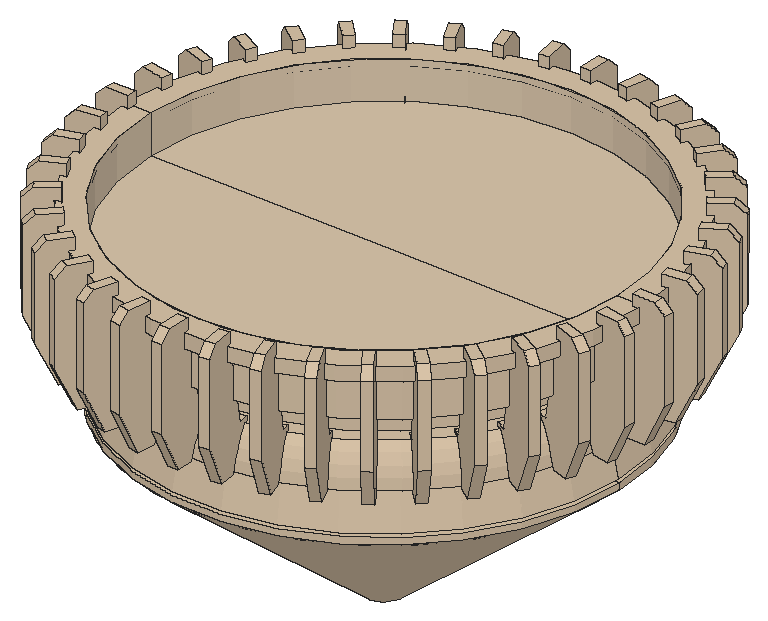
Revit family "KHL_Kemlux-Cone", category Lighting Fixtures, host Face, Revit 2021
Family settings
  Host = Face
  Round Connector Dimension = Use Diameter
  Part Type = Normal
  OmniClass Number = 23.80.70.14
  OmniClass Title = Luminaries for External Lighting
  Cut with Voids When Loaded = No
  Light Source = Yes
  Shared = No
  Room Calculation Point = No
Parameters (values of type "KHL-18L-X-5K-5M")
  Wattage Comments = "43 Watts, 18 LEDs"
  Wattage = 43 W
  Watt = 43 W
  built-in parameter 1150110 = 1 (stored number, unit not read)
  Voltage = 277 V
  URL = "www.currentlighting.com/columbialighting"
  built-in parameter 1114217 = 1 (stored number, unit not read)
  Tilt Angle = -90.00°
  built-in parameter 1150109 = 1 (stored number, unit not read)
  built-in parameter 1150134 = 2
  built-in parameter 1150113 = 1 (stored number, unit not read)
  Product Page URL = ""
  Product Documentation Link = ""
  Power Factor = 1
  Photometric Web File = "KXL-18L-X-5K-5M.ies"
  Optics = "Type V Square"
  Model = "KHL - Kemlux III LED"  # constant formula
  Material Finish = Tan
  Manufacturer = "Columbia Lighting"  # constant formula
  built-in parameter 1150105 = 345.6 (stored number, unit not read)
  Lumens = 4343 lm
  built-in parameter 1150115 = 1 (stored number, unit not read)
  Load Classification = Lighting
  built-in parameter 1150137 = (empty or 0)
  built-in parameter 1150139 = (empty or 0)
  built-in parameter 1150112 = 1 (stored number, unit not read)
  built-in parameter 1150114 = 1 (stored number, unit not read)
  Lamp = "18 High Performanc LEDs"
  built-in parameter 1150132 = (empty or 0)
  built-in parameter 1150102 = (empty or 0)
  built-in parameter 1150107 = 5000 (stored number, unit not read)
  built-in parameter 1150138 = (empty or 0)
  built-in parameter 1150106 = 3.456 (stored number, unit not read)
  Glass = White Glass
  Emit from Circle Diameter = 0' - 11"
  Emit Shape Visible in Rendering = no
  built-in parameter 1150104 = 9.3832 (stored number, unit not read)
  Dimming Lamp Color Temperature Shift = <None>
  Description = "Class I, Division 2 LED Fixture Series"  # constant formula
  Default Elevation = 4' - 0"
  Color Filter = 16777215
  built-in parameter 1114218 = 1 (stored number, unit not read)
  built-in parameter 1150133 = 10 (stored number, unit not read)
  Apparent Load = Watt / Power Factor  # 43 VA
Reference planes (in)
  plane 1 "Center (Front/Back)": y = 0
  plane 2: z = 0
  plane 3 "Center (Left/Right)": x = 0
  plane 4: x = -7
  plane 5: x = 7
Forms (in)
  Revolve 1, solid, material "Tan" <- "Material Finish"
    sketch origin (0, 0, 0) x (1, 0, 0) y (0, 0, 1)
      loop
        line (0, 0) -> (0.5, 0) -> (6, 4.37652) -> (0, 4.37652) -> (0, 0)
      axis (0, 4.37652) -> (0, 0)
    angle from 0 to 360
Dimensions and locks (in)
  equal spacing: plane 5, plane 3 "Center (Left/Right)", plane 4, locked at 7 each
  aligned and locked: plane 2 to host face
  aligned and locked: level to host face
  aligned and locked: nested 1 to plane 3 "Center (Left/Right)"
  aligned and locked: nested 1 to plane 1 "Center (Front/Back)"
  aligned and locked: plane 3 "Center (Left/Right)" to imposter light
  aligned and locked: imposter light to plane 1 "Center (Front/Back)"
  aligned and locked: imposter light to nested 1
Automatic sketch dimensions
  host sketch curve to host sketch curve = 8' - 0"  (x2)
  Revolve 1 sketch curve to level = 0' - 0"
  plane 5 to Revolve 1 sketch curve = 0' - 1"
  level to Revolve 1 sketch curve = 0' - 4.37652"
  Revolve 1 sketch curve to plane 3 "Center (Left/Right)" = 0' - 0"  (x2)
  plane 3 "Center (Left/Right)" to Revolve 1 sketch curve = 0' - 0 1/2"
  Revolve 1 sketch curve to level = 0' - 6.62348"
  Revolve 1 sketch curve to Revolve 1 sketch curve = 1' - 3 1/2"
Nested families (in)
  nested 1: "KHL" at (0, 0, 4.37652) x (-1, 0, 0) z (0, 0, 1), type "KHL"
Connectors (in)
  electrical at (0, 0, 4.37652), driven by "Load Classification", driven by "Voltage", driven by "Apparent Load", driven by "Power Factor"
    settings: on nested 1, index 1, voltage 277 V, apparent load 43 VA, apparent load phase1 0 VA, apparent load phase2 0 VA, apparent load phase3 0 VA, power factor 1, load classification "Lighting", number of poles 1, system type 30, power factor state 1, is connector primary yes, connector utility no, sub classification motor no, connector description "Lighting Connector"
Definition of nested family "KHL"
  Parameters
    Wattage Comments = ""
    URL = ""
    Model = ""
    Material Finish = none
    Manufacturer = ""
    Lamp = ""
    IES FILE LINK = ""
    Glass = none
    Description = ""
    Default Elevation = 4' - 0"
    Apparent Load = 0 VA
  Reference planes (in)
    plane 1 "Center (Front/Back)": y = 0
    plane 2: z = 0
    plane 3 "Center (Left/Right)": x = 0
    plane 4: x = -7.25
    plane 5: x = 7.25
    plane 6: x = -5.5
    plane 7: x = 5.5
  Forms (in)
    Extrusion 1, solid
      sketch origin (0, 0, 0) x (1, 0, 0) y (0, 1, 0)
        loop
          line (-48, 48) -> (-48, -48) -> (48, -48) -> (48, 48) -> (-48, 48)
      from 0 to -12
    Revolve 2, solid, material <- "Material Finish"
      sketch origin (0, 0, -1.3125) x (1, 0, 0) y (0, 0, 1)
        loop
          line (5.73742, 2.6875) -> (6.24933, 2.6875)
          arc (6.24933, 2.6875) -> (6.15662, 3.19814) -> (5.89032, 3.6436) r 1.45262
          line (5.89032, 3.6436) -> (5.5, 3.6436) -> (5.5, 4.37254) -> (6.34375, 4.37254) -> (6.34375, 5.37007) -> (6.59375, 5.37007) -> (6.59375, 5.71977) -> (5.95302, 5.71977) -> (5.95302, 4.75) -> (0, 4.75) -> (0, 1.3125) -> (6, 1.3125) -> (6, 1.47979) -> (5.5, 1.47979) -> (5.5, 1.5625) -> (5.99031, 1.5625) -> (5.73742, 2.6875)
        axis (0, 5.71977) -> (0, 1.3125)
      angle from 0 to 360
    Extrusion 3, solid, material <- "Glass"
      sketch origin (0, 0, -1.3125) x (1, 0, 0) y (0, 1, 0)
        loop
          circle (0, 0) r 5.95302
      from 5.71977 to 5.56262
    Extrusion 4, solid, material <- "Material Finish"
      sketch origin (0, 0, -1.3125) x (1, 0, 0) y (0, 0, 1)
        loop
          line (6.42821, 6) -> (6.42821, 5.66655) -> (6.045, 3.7335) -> (5.75, 3.7335) -> (5.75, 3.06247) -> (6.1875, 3.06247) -> (6.31956, 2.66852) -> (6.75, 2.66852) -> (7.25, 3.69367) -> (7.25, 5.75) -> (7, 6) -> (6.42821, 6)
      from 0.125 to -0.125
    Extrusion 5, solid, material <- "Material Finish"
      sketch origin (0, 0, -1.3125) x (0.987688, -0.156434, 0) y (0, 0, 1)
        loop
          line (6.42821, 6) -> (6.42821, 5.66655) -> (6.045, 3.7335) -> (5.75, 3.7335) -> (5.75, 3.06247) -> (6.1875, 3.06247) -> (6.31956, 2.66852) -> (6.75, 2.66852) -> (7.25, 3.69367) -> (7.25, 5.75) -> (7, 6) -> (6.42821, 6)
      from 0.125 to -0.125
    Extrusion 6, solid, material <- "Material Finish"
      sketch origin (0, 0, -1.3125) x (0.951057, -0.309017, 0) y (0, 0, 1)
        loop
          line (6.42821, 6) -> (6.42821, 5.66655) -> (6.045, 3.7335) -> (5.75, 3.7335) -> (5.75, 3.06247) -> (6.1875, 3.06247) -> (6.31956, 2.66852) -> (6.75, 2.66852) -> (7.25, 3.69367) -> (7.25, 5.75) -> (7, 6) -> (6.42821, 6)
      from 0.125 to -0.125
    Extrusion 7, solid, material <- "Material Finish"
      sketch origin (0, 0, -1.3125) x (0.891007, -0.45399, 0) y (0, 0, 1)
        loop
          line (6.42821, 6) -> (6.42821, 5.66655) -> (6.045, 3.7335) -> (5.75, 3.7335) -> (5.75, 3.06247) -> (6.1875, 3.06247) -> (6.31956, 2.66852) -> (6.75, 2.66852) -> (7.25, 3.69367) -> (7.25, 5.75) -> (7, 6) -> (6.42821, 6)
      from 0.125 to -0.125
    Extrusion 8, solid, material <- "Material Finish"
      sketch origin (0, 0, -1.3125) x (0.809017, -0.587785, 0) y (0, 0, 1)
        loop
          line (6.42821, 6) -> (6.42821, 5.66655) -> (6.045, 3.7335) -> (5.75, 3.7335) -> (5.75, 3.06247) -> (6.1875, 3.06247) -> (6.31956, 2.66852) -> (6.75, 2.66852) -> (7.25, 3.69367) -> (7.25, 5.75) -> (7, 6) -> (6.42821, 6)
      from 0.125 to -0.125
    Extrusion 9, solid, material <- "Material Finish"
      sketch origin (0, 0, -1.3125) x (0.707107, -0.707107, 0) y (0, 0, 1)
        loop
          line (6.42821, 6) -> (6.42821, 5.66655) -> (6.045, 3.7335) -> (5.75, 3.7335) -> (5.75, 3.06247) -> (6.1875, 3.06247) -> (6.31956, 2.66852) -> (6.75, 2.66852) -> (7.25, 3.69367) -> (7.25, 5.75) -> (7, 6) -> (6.42821, 6)
      from 0.125 to -0.125
    Extrusion 10, solid, material <- "Material Finish"
      sketch origin (0, 0, -1.3125) x (0.587785, -0.809017, 0) y (0, 0, 1)
        loop
          line (6.42821, 6) -> (6.42821, 5.66655) -> (6.045, 3.7335) -> (5.75, 3.7335) -> (5.75, 3.06247) -> (6.1875, 3.06247) -> (6.31956, 2.66852) -> (6.75, 2.66852) -> (7.25, 3.69367) -> (7.25, 5.75) -> (7, 6) -> (6.42821, 6)
      from 0.125 to -0.125
    Extrusion 11, solid, material <- "Material Finish"
      sketch origin (0, 0, -1.3125) x (0.45399, -0.891007, 0) y (0, 0, 1)
        loop
          line (6.42821, 6) -> (6.42821, 5.66655) -> (6.045, 3.7335) -> (5.75, 3.7335) -> (5.75, 3.06247) -> (6.1875, 3.06247) -> (6.31956, 2.66852) -> (6.75, 2.66852) -> (7.25, 3.69367) -> (7.25, 5.75) -> (7, 6) -> (6.42821, 6)
      from 0.125 to -0.125
    Extrusion 12, solid, material <- "Material Finish"
      sketch origin (0, 0, -1.3125) x (0.309017, -0.951057, 0) y (0, 0, 1)
        loop
          line (6.42821, 6) -> (6.42821, 5.66655) -> (6.045, 3.7335) -> (5.75, 3.7335) -> (5.75, 3.06247) -> (6.1875, 3.06247) -> (6.31956, 2.66852) -> (6.75, 2.66852) -> (7.25, 3.69367) -> (7.25, 5.75) -> (7, 6) -> (6.42821, 6)
      from 0.125 to -0.125
    Extrusion 13, solid, material <- "Material Finish"
      sketch origin (0, 0, -1.3125) x (0.156434, -0.987688, 0) y (0, 0, 1)
        loop
          line (6.42821, 6) -> (6.42821, 5.66655) -> (6.045, 3.7335) -> (5.75, 3.7335) -> (5.75, 3.06247) -> (6.1875, 3.06247) -> (6.31956, 2.66852) -> (6.75, 2.66852) -> (7.25, 3.69367) -> (7.25, 5.75) -> (7, 6) -> (6.42821, 6)
      from 0.125 to -0.125
    Extrusion 14, solid, material <- "Material Finish"
      sketch origin (0, 0, -1.3125) x (0, -1, 0) y (0, 0, 1)
        loop
          line (6.42821, 6) -> (6.42821, 5.66655) -> (6.045, 3.7335) -> (5.75, 3.7335) -> (5.75, 3.06247) -> (6.1875, 3.06247) -> (6.31956, 2.66852) -> (6.75, 2.66852) -> (7.25, 3.69367) -> (7.25, 5.75) -> (7, 6) -> (6.42821, 6)
      from 0.125 to -0.125
    Extrusion 15, solid, material <- "Material Finish"
      sketch origin (0, 0, -1.3125) x (-0.156434, -0.987688, 0) y (0, 0, 1)
        loop
          line (6.42821, 6) -> (6.42821, 5.66655) -> (6.045, 3.7335) -> (5.75, 3.7335) -> (5.75, 3.06247) -> (6.1875, 3.06247) -> (6.31956, 2.66852) -> (6.75, 2.66852) -> (7.25, 3.69367) -> (7.25, 5.75) -> (7, 6) -> (6.42821, 6)
      from 0.125 to -0.125
    Extrusion 16, solid, material <- "Material Finish"
      sketch origin (0, 0, -1.3125) x (-0.309017, -0.951057, 0) y (0, 0, 1)
        loop
          line (6.42821, 6) -> (6.42821, 5.66655) -> (6.045, 3.7335) -> (5.75, 3.7335) -> (5.75, 3.06247) -> (6.1875, 3.06247) -> (6.31956, 2.66852) -> (6.75, 2.66852) -> (7.25, 3.69367) -> (7.25, 5.75) -> (7, 6) -> (6.42821, 6)
      from 0.125 to -0.125
    Extrusion 17, solid, material <- "Material Finish"
      sketch origin (0, 0, -1.3125) x (-0.45399, -0.891007, 0) y (0, 0, 1)
        loop
          line (6.42821, 6) -> (6.42821, 5.66655) -> (6.045, 3.7335) -> (5.75, 3.7335) -> (5.75, 3.06247) -> (6.1875, 3.06247) -> (6.31956, 2.66852) -> (6.75, 2.66852) -> (7.25, 3.69367) -> (7.25, 5.75) -> (7, 6) -> (6.42821, 6)
      from 0.125 to -0.125
    Extrusion 18, solid, material <- "Material Finish"
      sketch origin (0, 0, -1.3125) x (-0.587785, -0.809017, 0) y (0, 0, 1)
        loop
          line (6.42821, 6) -> (6.42821, 5.66655) -> (6.045, 3.7335) -> (5.75, 3.7335) -> (5.75, 3.06247) -> (6.1875, 3.06247) -> (6.31956, 2.66852) -> (6.75, 2.66852) -> (7.25, 3.69367) -> (7.25, 5.75) -> (7, 6) -> (6.42821, 6)
      from 0.125 to -0.125
    Extrusion 19, solid, material <- "Material Finish"
      sketch origin (0, 0, -1.3125) x (-0.707107, -0.707107, 0) y (0, 0, 1)
        loop
          line (6.42821, 6) -> (6.42821, 5.66655) -> (6.045, 3.7335) -> (5.75, 3.7335) -> (5.75, 3.06247) -> (6.1875, 3.06247) -> (6.31956, 2.66852) -> (6.75, 2.66852) -> (7.25, 3.69367) -> (7.25, 5.75) -> (7, 6) -> (6.42821, 6)
      from 0.125 to -0.125
    Extrusion 20, solid, material <- "Material Finish"
      sketch origin (0, 0, -1.3125) x (-0.809017, -0.587785, 0) y (0, 0, 1)
        loop
          line (6.42821, 6) -> (6.42821, 5.66655) -> (6.045, 3.7335) -> (5.75, 3.7335) -> (5.75, 3.06247) -> (6.1875, 3.06247) -> (6.31956, 2.66852) -> (6.75, 2.66852) -> (7.25, 3.69367) -> (7.25, 5.75) -> (7, 6) -> (6.42821, 6)
      from 0.125 to -0.125
    Extrusion 21, solid, material <- "Material Finish"
      sketch origin (0, 0, -1.3125) x (-0.891007, -0.45399, 0) y (0, 0, 1)
        loop
          line (6.42821, 6) -> (6.42821, 5.66655) -> (6.045, 3.7335) -> (5.75, 3.7335) -> (5.75, 3.06247) -> (6.1875, 3.06247) -> (6.31956, 2.66852) -> (6.75, 2.66852) -> (7.25, 3.69367) -> (7.25, 5.75) -> (7, 6) -> (6.42821, 6)
      from 0.125 to -0.125
    Extrusion 22, solid, material <- "Material Finish"
      sketch origin (0, 0, -1.3125) x (-0.951057, -0.309017, 0) y (0, 0, 1)
        loop
          line (6.42821, 6) -> (6.42821, 5.66655) -> (6.045, 3.7335) -> (5.75, 3.7335) -> (5.75, 3.06247) -> (6.1875, 3.06247) -> (6.31956, 2.66852) -> (6.75, 2.66852) -> (7.25, 3.69367) -> (7.25, 5.75) -> (7, 6) -> (6.42821, 6)
      from 0.125 to -0.125
    Extrusion 23, solid, material <- "Material Finish"
      sketch origin (0, 0, -1.3125) x (-0.987688, -0.156434, 0) y (0, 0, 1)
        loop
          line (6.42821, 6) -> (6.42821, 5.66655) -> (6.045, 3.7335) -> (5.75, 3.7335) -> (5.75, 3.06247) -> (6.1875, 3.06247) -> (6.31956, 2.66852) -> (6.75, 2.66852) -> (7.25, 3.69367) -> (7.25, 5.75) -> (7, 6) -> (6.42821, 6)
      from 0.125 to -0.125
    Extrusion 24, solid, material <- "Material Finish"
      sketch origin (0, 0, -1.3125) x (-1, 0, 0) y (0, 0, 1)
        loop
          line (6.42821, 6) -> (6.42821, 5.66655) -> (6.045, 3.7335) -> (5.75, 3.7335) -> (5.75, 3.06247) -> (6.1875, 3.06247) -> (6.31956, 2.66852) -> (6.75, 2.66852) -> (7.25, 3.69367) -> (7.25, 5.75) -> (7, 6) -> (6.42821, 6)
      from 0.125 to -0.125
    Extrusion 25, solid, material <- "Material Finish"
      sketch origin (0, 0, -1.3125) x (-0.987688, 0.156434, 0) y (0, 0, 1)
        loop
          line (6.42821, 6) -> (6.42821, 5.66655) -> (6.045, 3.7335) -> (5.75, 3.7335) -> (5.75, 3.06247) -> (6.1875, 3.06247) -> (6.31956, 2.66852) -> (6.75, 2.66852) -> (7.25, 3.69367) -> (7.25, 5.75) -> (7, 6) -> (6.42821, 6)
      from 0.125 to -0.125
    Extrusion 26, solid, material <- "Material Finish"
      sketch origin (0, 0, -1.3125) x (-0.951057, 0.309017, 0) y (0, 0, 1)
        loop
          line (6.42821, 6) -> (6.42821, 5.66655) -> (6.045, 3.7335) -> (5.75, 3.7335) -> (5.75, 3.06247) -> (6.1875, 3.06247) -> (6.31956, 2.66852) -> (6.75, 2.66852) -> (7.25, 3.69367) -> (7.25, 5.75) -> (7, 6) -> (6.42821, 6)
      from 0.125 to -0.125
    Extrusion 27, solid, material <- "Material Finish"
      sketch origin (0, 0, -1.3125) x (-0.891007, 0.45399, 0) y (0, 0, 1)
        loop
          line (6.42821, 6) -> (6.42821, 5.66655) -> (6.045, 3.7335) -> (5.75, 3.7335) -> (5.75, 3.06247) -> (6.1875, 3.06247) -> (6.31956, 2.66852) -> (6.75, 2.66852) -> (7.25, 3.69367) -> (7.25, 5.75) -> (7, 6) -> (6.42821, 6)
      from 0.125 to -0.125
    Extrusion 28, solid, material <- "Material Finish"
      sketch origin (0, 0, -1.3125) x (-0.809017, 0.587785, 0) y (0, 0, 1)
        loop
          line (6.42821, 6) -> (6.42821, 5.66655) -> (6.045, 3.7335) -> (5.75, 3.7335) -> (5.75, 3.06247) -> (6.1875, 3.06247) -> (6.31956, 2.66852) -> (6.75, 2.66852) -> (7.25, 3.69367) -> (7.25, 5.75) -> (7, 6) -> (6.42821, 6)
      from 0.125 to -0.125
    Extrusion 29, solid, material <- "Material Finish"
      sketch origin (0, 0, -1.3125) x (-0.707107, 0.707107, 0) y (0, 0, 1)
        loop
          line (6.42821, 6) -> (6.42821, 5.66655) -> (6.045, 3.7335) -> (5.75, 3.7335) -> (5.75, 3.06247) -> (6.1875, 3.06247) -> (6.31956, 2.66852) -> (6.75, 2.66852) -> (7.25, 3.69367) -> (7.25, 5.75) -> (7, 6) -> (6.42821, 6)
      from 0.125 to -0.125
    Extrusion 30, solid, material <- "Material Finish"
      sketch origin (0, 0, -1.3125) x (-0.587785, 0.809017, 0) y (0, 0, 1)
        loop
          line (6.42821, 6) -> (6.42821, 5.66655) -> (6.045, 3.7335) -> (5.75, 3.7335) -> (5.75, 3.06247) -> (6.1875, 3.06247) -> (6.31956, 2.66852) -> (6.75, 2.66852) -> (7.25, 3.69367) -> (7.25, 5.75) -> (7, 6) -> (6.42821, 6)
      from 0.125 to -0.125
    Extrusion 31, solid, material <- "Material Finish"
      sketch origin (0, 0, -1.3125) x (-0.45399, 0.891007, 0) y (0, 0, 1)
        loop
          line (6.42821, 6) -> (6.42821, 5.66655) -> (6.045, 3.7335) -> (5.75, 3.7335) -> (5.75, 3.06247) -> (6.1875, 3.06247) -> (6.31956, 2.66852) -> (6.75, 2.66852) -> (7.25, 3.69367) -> (7.25, 5.75) -> (7, 6) -> (6.42821, 6)
      from 0.125 to -0.125
    Extrusion 32, solid, material <- "Material Finish"
      sketch origin (0, 0, -1.3125) x (-0.309017, 0.951057, 0) y (0, 0, 1)
        loop
          line (6.42821, 6) -> (6.42821, 5.66655) -> (6.045, 3.7335) -> (5.75, 3.7335) -> (5.75, 3.06247) -> (6.1875, 3.06247) -> (6.31956, 2.66852) -> (6.75, 2.66852) -> (7.25, 3.69367) -> (7.25, 5.75) -> (7, 6) -> (6.42821, 6)
      from 0.125 to -0.125
    Extrusion 33, solid, material <- "Material Finish"
      sketch origin (0, 0, -1.3125) x (-0.156434, 0.987688, 0) y (0, 0, 1)
        loop
          line (6.42821, 6) -> (6.42821, 5.66655) -> (6.045, 3.7335) -> (5.75, 3.7335) -> (5.75, 3.06247) -> (6.1875, 3.06247) -> (6.31956, 2.66852) -> (6.75, 2.66852) -> (7.25, 3.69367) -> (7.25, 5.75) -> (7, 6) -> (6.42821, 6)
      from 0.125 to -0.125
    Extrusion 34, solid, material <- "Material Finish"
      sketch origin (0, 0, -1.3125) x (0, 1, 0) y (0, 0, 1)
        loop
          line (6.42821, 6) -> (6.42821, 5.66655) -> (6.045, 3.7335) -> (5.75, 3.7335) -> (5.75, 3.06247) -> (6.1875, 3.06247) -> (6.31956, 2.66852) -> (6.75, 2.66852) -> (7.25, 3.69367) -> (7.25, 5.75) -> (7, 6) -> (6.42821, 6)
      from 0.125 to -0.125
    Extrusion 35, solid, material <- "Material Finish"
      sketch origin (0, 0, -1.3125) x (0.156434, 0.987688, 0) y (0, 0, 1)
        loop
          line (6.42821, 6) -> (6.42821, 5.66655) -> (6.045, 3.7335) -> (5.75, 3.7335) -> (5.75, 3.06247) -> (6.1875, 3.06247) -> (6.31956, 2.66852) -> (6.75, 2.66852) -> (7.25, 3.69367) -> (7.25, 5.75) -> (7, 6) -> (6.42821, 6)
      from 0.125 to -0.125
    Extrusion 36, solid, material <- "Material Finish"
      sketch origin (0, 0, -1.3125) x (0.309017, 0.951057, 0) y (0, 0, 1)
        loop
          line (6.42821, 6) -> (6.42821, 5.66655) -> (6.045, 3.7335) -> (5.75, 3.7335) -> (5.75, 3.06247) -> (6.1875, 3.06247) -> (6.31956, 2.66852) -> (6.75, 2.66852) -> (7.25, 3.69367) -> (7.25, 5.75) -> (7, 6) -> (6.42821, 6)
      from 0.125 to -0.125
    Extrusion 37, solid, material <- "Material Finish"
      sketch origin (0, 0, -1.3125) x (0.45399, 0.891007, 0) y (0, 0, 1)
        loop
          line (6.42821, 6) -> (6.42821, 5.66655) -> (6.045, 3.7335) -> (5.75, 3.7335) -> (5.75, 3.06247) -> (6.1875, 3.06247) -> (6.31956, 2.66852) -> (6.75, 2.66852) -> (7.25, 3.69367) -> (7.25, 5.75) -> (7, 6) -> (6.42821, 6)
      from 0.125 to -0.125
    Extrusion 38, solid, material <- "Material Finish"
      sketch origin (0, 0, -1.3125) x (0.587785, 0.809017, 0) y (0, 0, 1)
        loop
          line (6.42821, 6) -> (6.42821, 5.66655) -> (6.045, 3.7335) -> (5.75, 3.7335) -> (5.75, 3.06247) -> (6.1875, 3.06247) -> (6.31956, 2.66852) -> (6.75, 2.66852) -> (7.25, 3.69367) -> (7.25, 5.75) -> (7, 6) -> (6.42821, 6)
      from 0.125 to -0.125
    Extrusion 39, solid, material <- "Material Finish"
      sketch origin (0, 0, -1.3125) x (0.707107, 0.707107, 0) y (0, 0, 1)
        loop
          line (6.42821, 6) -> (6.42821, 5.66655) -> (6.045, 3.7335) -> (5.75, 3.7335) -> (5.75, 3.06247) -> (6.1875, 3.06247) -> (6.31956, 2.66852) -> (6.75, 2.66852) -> (7.25, 3.69367) -> (7.25, 5.75) -> (7, 6) -> (6.42821, 6)
      from 0.125 to -0.125
    Extrusion 40, solid, material <- "Material Finish"
      sketch origin (0, 0, -1.3125) x (0.809017, 0.587785, 0) y (0, 0, 1)
        loop
          line (6.42821, 6) -> (6.42821, 5.66655) -> (6.045, 3.7335) -> (5.75, 3.7335) -> (5.75, 3.06247) -> (6.1875, 3.06247) -> (6.31956, 2.66852) -> (6.75, 2.66852) -> (7.25, 3.69367) -> (7.25, 5.75) -> (7, 6) -> (6.42821, 6)
      from 0.125 to -0.125
    Extrusion 41, solid, material <- "Material Finish"
      sketch origin (0, 0, -1.3125) x (0.891007, 0.45399, 0) y (0, 0, 1)
        loop
          line (6.42821, 6) -> (6.42821, 5.66655) -> (6.045, 3.7335) -> (5.75, 3.7335) -> (5.75, 3.06247) -> (6.1875, 3.06247) -> (6.31956, 2.66852) -> (6.75, 2.66852) -> (7.25, 3.69367) -> (7.25, 5.75) -> (7, 6) -> (6.42821, 6)
      from 0.125 to -0.125
    Extrusion 42, solid, material <- "Material Finish"
      sketch origin (0, 0, -1.3125) x (0.951057, 0.309017, 0) y (0, 0, 1)
        loop
          line (6.42821, 6) -> (6.42821, 5.66655) -> (6.045, 3.7335) -> (5.75, 3.7335) -> (5.75, 3.06247) -> (6.1875, 3.06247) -> (6.31956, 2.66852) -> (6.75, 2.66852) -> (7.25, 3.69367) -> (7.25, 5.75) -> (7, 6) -> (6.42821, 6)
      from 0.125 to -0.125
    Extrusion 43, solid, material <- "Material Finish"
      sketch origin (0, 0, -1.3125) x (0.987688, 0.156434, 0) y (0, 0, 1)
        loop
          line (6.42821, 6) -> (6.42821, 5.66655) -> (6.045, 3.7335) -> (5.75, 3.7335) -> (5.75, 3.06247) -> (6.1875, 3.06247) -> (6.31956, 2.66852) -> (6.75, 2.66852) -> (7.25, 3.69367) -> (7.25, 5.75) -> (7, 6) -> (6.42821, 6)
      from 0.125 to -0.125
  Lines and regions (in)
    reference lines
      curve 1: line (5.95302, 0, 4.75) -> (0, 0, 4.75)
      curve 2: line (5.95302, 0, 5.92266) -> (5.95302, 0, 4.75)
      curve 3: line (6.59375, 0, 5.37007) -> (6.59375, 0, 5.92266)
      curve 4: line (6.34375, 0, 5.37007) -> (6.59375, 0, 5.37007)
      curve 5: line (6.34375, 0, 4.37254) -> (5.5, 0, 4.37254)
      curve 6: line (6.34375, 0, 4.37254) -> (6.34375, 0, 5.37007)
      curve 7: arc (6.25, 0, 2.75) -> (6.14885, 0, 3.28681) -> (5.85927, 0, 3.75) r 1.47501
      curve 8: line (5.85927, 0, 2.75) -> (6.25, 0, 2.75)
      curve 9: line (5.85927, 0, 2.75) -> (5.85927, 0, 1.75)
      curve 10: line (5.85927, 0, 1.75) -> (4.74529, 0, 1.75)
      curve 11: line (5.85927, 0, 3.75) -> (4.8978, 0, 3.75)
      curve 12: line (5.10824, 0, 5.71977) -> (6.99125, 0, 5.71977)
  Dimensions and locks (in)
    equal spacing: plane 5, plane 3 "Center (Left/Right)", plane 4
    locked: plane 5 to plane 4 at 14.5
    equal spacing: plane 7, plane 3 "Center (Left/Right)", plane 6, locked at 5.5 each
    aligned and locked: plane 2 to Extrusion 1
    aligned and locked: level to Extrusion 1
    aligned and locked: Extrusion 3 sketch curve to Revolve 2
  Automatic sketch dimensions
    Extrusion 4 sketch curve to Extrusion 4 sketch curve = 0' - 0 7/16"
    Extrusion 4 sketch curve to Extrusion 4 sketch curve = 0' - 0.13206"
    Extrusion 4 sketch curve to Extrusion 4 sketch curve = 0' - 0.295"
    Extrusion 4 sketch curve to Extrusion 4 sketch curve = 0' - 0.38321"
    Extrusion 4 sketch curve to Extrusion 4 sketch curve = 0' - 0.43044"
    Extrusion 4 sketch curve to Extrusion 4 sketch curve = 0' - 0.57179"
    Extrusion 4 sketch curve to Extrusion 4 sketch curve = 0' - 0 1/4"  (x2)
    Extrusion 4 sketch curve to Extrusion 4 sketch curve = 0' - 0.39395"
    Extrusion 4 sketch curve to Extrusion 4 sketch curve = 0' - 1.02515"
    Extrusion 4 sketch curve to Extrusion 4 sketch curve = 0' - 0.67103"
    Extrusion 4 sketch curve to Extrusion 4 sketch curve = 0' - 1.93305"
    Extrusion 4 sketch curve to Extrusion 4 sketch curve = 0' - 0.08345"
    Extrusion 5 sketch curve to Extrusion 5 sketch curve = 0' - 0 7/16"
    Extrusion 5 sketch curve to Extrusion 5 sketch curve = 0' - 0.13206"
    Extrusion 5 sketch curve to Extrusion 5 sketch curve = 0' - 0.295"
    Extrusion 5 sketch curve to Extrusion 5 sketch curve = 0' - 0.38321"
    Extrusion 5 sketch curve to Extrusion 5 sketch curve = 0' - 0.43044"
    Extrusion 5 sketch curve to Extrusion 5 sketch curve = 0' - 0.57179"
    Extrusion 5 sketch curve to Extrusion 5 sketch curve = 0' - 0 1/4"  (x2)
    Extrusion 5 sketch curve to Extrusion 5 sketch curve = 0' - 0.39395"
    Extrusion 5 sketch curve to Extrusion 5 sketch curve = 0' - 1.02515"
    Extrusion 5 sketch curve to Extrusion 5 sketch curve = 0' - 0.67103"
    Extrusion 5 sketch curve to Extrusion 5 sketch curve = 0' - 1.93305"
    Extrusion 5 sketch curve to Extrusion 5 sketch curve = 0' - 0.08345"
    Extrusion 6 sketch curve to Extrusion 6 sketch curve = 0' - 0 7/16"
    Extrusion 6 sketch curve to Extrusion 6 sketch curve = 0' - 0.13206"
    Extrusion 6 sketch curve to Extrusion 6 sketch curve = 0' - 0.295"
    Extrusion 6 sketch curve to Extrusion 6 sketch curve = 0' - 0.38321"
    Extrusion 6 sketch curve to Extrusion 6 sketch curve = 0' - 0.43044"
    Extrusion 6 sketch curve to Extrusion 6 sketch curve = 0' - 0.57179"
    Extrusion 6 sketch curve to Extrusion 6 sketch curve = 0' - 0 1/4"  (x2)
    Extrusion 6 sketch curve to Extrusion 6 sketch curve = 0' - 0.39395"
    Extrusion 6 sketch curve to Extrusion 6 sketch curve = 0' - 1.02515"
    Extrusion 6 sketch curve to Extrusion 6 sketch curve = 0' - 0.67103"
    Extrusion 6 sketch curve to Extrusion 6 sketch curve = 0' - 1.93305"
    Extrusion 6 sketch curve to Extrusion 6 sketch curve = 0' - 0.08345"
    Extrusion 7 sketch curve to Extrusion 7 sketch curve = 0' - 0 7/16"
    Extrusion 7 sketch curve to Extrusion 7 sketch curve = 0' - 0.13206"
    Extrusion 7 sketch curve to Extrusion 7 sketch curve = 0' - 0.295"
    Extrusion 7 sketch curve to Extrusion 7 sketch curve = 0' - 0.38321"
    Extrusion 7 sketch curve to Extrusion 7 sketch curve = 0' - 0.43044"
    Extrusion 7 sketch curve to Extrusion 7 sketch curve = 0' - 0.57179"
    Extrusion 7 sketch curve to Extrusion 7 sketch curve = 0' - 0 1/4"  (x2)
    Extrusion 7 sketch curve to Extrusion 7 sketch curve = 0' - 0.39395"
    Extrusion 7 sketch curve to Extrusion 7 sketch curve = 0' - 1.02515"
    Extrusion 7 sketch curve to Extrusion 7 sketch curve = 0' - 0.67103"
    Extrusion 7 sketch curve to Extrusion 7 sketch curve = 0' - 1.93305"
    Extrusion 7 sketch curve to Extrusion 7 sketch curve = 0' - 0.08345"
    Extrusion 8 sketch curve to Extrusion 8 sketch curve = 0' - 0 7/16"
    Extrusion 8 sketch curve to Extrusion 8 sketch curve = 0' - 0.13206"
    Extrusion 8 sketch curve to Extrusion 8 sketch curve = 0' - 0.295"
    Extrusion 8 sketch curve to Extrusion 8 sketch curve = 0' - 0.38321"
    Extrusion 8 sketch curve to Extrusion 8 sketch curve = 0' - 0.43044"
    Extrusion 8 sketch curve to Extrusion 8 sketch curve = 0' - 0.57179"
    Extrusion 8 sketch curve to Extrusion 8 sketch curve = 0' - 0 1/4"  (x2)
    Extrusion 8 sketch curve to Extrusion 8 sketch curve = 0' - 0.39395"
    Extrusion 8 sketch curve to Extrusion 8 sketch curve = 0' - 1.02515"
    Extrusion 8 sketch curve to Extrusion 8 sketch curve = 0' - 0.67103"
    Extrusion 8 sketch curve to Extrusion 8 sketch curve = 0' - 1.93305"
    Extrusion 8 sketch curve to Extrusion 8 sketch curve = 0' - 0.08345"
    Extrusion 9 sketch curve to Extrusion 9 sketch curve = 0' - 0 7/16"
    Extrusion 9 sketch curve to Extrusion 9 sketch curve = 0' - 0.13206"
    Extrusion 9 sketch curve to Extrusion 9 sketch curve = 0' - 0.295"
    Extrusion 9 sketch curve to Extrusion 9 sketch curve = 0' - 0.38321"
    Extrusion 9 sketch curve to Extrusion 9 sketch curve = 0' - 0.43044"
    Extrusion 9 sketch curve to Extrusion 9 sketch curve = 0' - 0.57179"
    Extrusion 9 sketch curve to Extrusion 9 sketch curve = 0' - 0 1/4"  (x2)
    Extrusion 9 sketch curve to Extrusion 9 sketch curve = 0' - 0.39395"
    Extrusion 9 sketch curve to Extrusion 9 sketch curve = 0' - 1.02515"
    Extrusion 9 sketch curve to Extrusion 9 sketch curve = 0' - 0.67103"
    Extrusion 9 sketch curve to Extrusion 9 sketch curve = 0' - 1.93305"
    Extrusion 9 sketch curve to Extrusion 9 sketch curve = 0' - 0.08345"
    Extrusion 10 sketch curve to Extrusion 10 sketch curve = 0' - 0 7/16"
    Extrusion 10 sketch curve to Extrusion 10 sketch curve = 0' - 0.13206"
    Extrusion 10 sketch curve to Extrusion 10 sketch curve = 0' - 0.295"
    Extrusion 10 sketch curve to Extrusion 10 sketch curve = 0' - 0.38321"
    Extrusion 10 sketch curve to Extrusion 10 sketch curve = 0' - 0.43044"
    Extrusion 10 sketch curve to Extrusion 10 sketch curve = 0' - 0.57179"
    Extrusion 10 sketch curve to Extrusion 10 sketch curve = 0' - 0 1/4"  (x2)
    Extrusion 10 sketch curve to Extrusion 10 sketch curve = 0' - 0.39395"
    Extrusion 10 sketch curve to Extrusion 10 sketch curve = 0' - 1.02515"
    Extrusion 10 sketch curve to Extrusion 10 sketch curve = 0' - 0.67103"
    Extrusion 10 sketch curve to Extrusion 10 sketch curve = 0' - 1.93305"
    Extrusion 10 sketch curve to Extrusion 10 sketch curve = 0' - 0.08345"
    Extrusion 11 sketch curve to Extrusion 11 sketch curve = 0' - 0 7/16"
    Extrusion 11 sketch curve to Extrusion 11 sketch curve = 0' - 0.13206"
    Extrusion 11 sketch curve to Extrusion 11 sketch curve = 0' - 0.295"
    Extrusion 11 sketch curve to Extrusion 11 sketch curve = 0' - 0.38321"
    Extrusion 11 sketch curve to Extrusion 11 sketch curve = 0' - 0.43044"
    Extrusion 11 sketch curve to Extrusion 11 sketch curve = 0' - 0.57179"
    Extrusion 11 sketch curve to Extrusion 11 sketch curve = 0' - 0 1/4"  (x2)
    Extrusion 11 sketch curve to Extrusion 11 sketch curve = 0' - 0.39395"
    Extrusion 11 sketch curve to Extrusion 11 sketch curve = 0' - 1.02515"
    Extrusion 11 sketch curve to Extrusion 11 sketch curve = 0' - 0.67103"
    Extrusion 11 sketch curve to Extrusion 11 sketch curve = 0' - 1.93305"
    Extrusion 11 sketch curve to Extrusion 11 sketch curve = 0' - 0.08345"
    Extrusion 12 sketch curve to Extrusion 12 sketch curve = 0' - 0 7/16"
    Extrusion 12 sketch curve to Extrusion 12 sketch curve = 0' - 0.13206"
    Extrusion 12 sketch curve to Extrusion 12 sketch curve = 0' - 0.295"
    Extrusion 12 sketch curve to Extrusion 12 sketch curve = 0' - 0.38321"
    Extrusion 12 sketch curve to Extrusion 12 sketch curve = 0' - 0.43044"
    Extrusion 12 sketch curve to Extrusion 12 sketch curve = 0' - 0.57179"
    Extrusion 12 sketch curve to Extrusion 12 sketch curve = 0' - 0 1/4"  (x2)
    Extrusion 12 sketch curve to Extrusion 12 sketch curve = 0' - 0.39395"
    Extrusion 12 sketch curve to Extrusion 12 sketch curve = 0' - 1.02515"
    Extrusion 12 sketch curve to Extrusion 12 sketch curve = 0' - 0.67103"
    Extrusion 12 sketch curve to Extrusion 12 sketch curve = 0' - 1.93305"
    Extrusion 12 sketch curve to Extrusion 12 sketch curve = 0' - 0.08345"
    Extrusion 13 sketch curve to Extrusion 13 sketch curve = 0' - 0 7/16"
    Extrusion 13 sketch curve to Extrusion 13 sketch curve = 0' - 0.13206"
    Extrusion 13 sketch curve to Extrusion 13 sketch curve = 0' - 0.295"
    Extrusion 13 sketch curve to Extrusion 13 sketch curve = 0' - 0.38321"
    Extrusion 13 sketch curve to Extrusion 13 sketch curve = 0' - 0.43044"
    Extrusion 13 sketch curve to Extrusion 13 sketch curve = 0' - 0.57179"
    Extrusion 13 sketch curve to Extrusion 13 sketch curve = 0' - 0 1/4"  (x2)
    Extrusion 13 sketch curve to Extrusion 13 sketch curve = 0' - 0.39395"
    Extrusion 13 sketch curve to Extrusion 13 sketch curve = 0' - 1.02515"
    Extrusion 13 sketch curve to Extrusion 13 sketch curve = 0' - 0.67103"
    Extrusion 13 sketch curve to Extrusion 13 sketch curve = 0' - 1.93305"
    Extrusion 13 sketch curve to Extrusion 13 sketch curve = 0' - 0.08345"
    Extrusion 14 sketch curve to Extrusion 14 sketch curve = 0' - 0 7/16"
    Extrusion 14 sketch curve to Extrusion 14 sketch curve = 0' - 0.13206"
    Extrusion 14 sketch curve to Extrusion 14 sketch curve = 0' - 0.295"
    Extrusion 14 sketch curve to Extrusion 14 sketch curve = 0' - 0.38321"
    Extrusion 14 sketch curve to Extrusion 14 sketch curve = 0' - 0.43044"
    Extrusion 14 sketch curve to Extrusion 14 sketch curve = 0' - 0.57179"
    Extrusion 14 sketch curve to Extrusion 14 sketch curve = 0' - 0 1/4"  (x2)
    Extrusion 14 sketch curve to Extrusion 14 sketch curve = 0' - 0.39395"
    Extrusion 14 sketch curve to Extrusion 14 sketch curve = 0' - 1.02515"
    Extrusion 14 sketch curve to Extrusion 14 sketch curve = 0' - 0.67103"
    Extrusion 14 sketch curve to Extrusion 14 sketch curve = 0' - 1.93305"
    Extrusion 14 sketch curve to Extrusion 14 sketch curve = 0' - 0.08345"
    Extrusion 15 sketch curve to Extrusion 15 sketch curve = 0' - 0 7/16"
    Extrusion 15 sketch curve to Extrusion 15 sketch curve = 0' - 0.13206"
    Extrusion 15 sketch curve to Extrusion 15 sketch curve = 0' - 0.295"
    Extrusion 15 sketch curve to Extrusion 15 sketch curve = 0' - 0.38321"
    Extrusion 15 sketch curve to Extrusion 15 sketch curve = 0' - 0.43044"
    Extrusion 15 sketch curve to Extrusion 15 sketch curve = 0' - 0.57179"
    Extrusion 15 sketch curve to Extrusion 15 sketch curve = 0' - 0 1/4"  (x2)
    Extrusion 15 sketch curve to Extrusion 15 sketch curve = 0' - 0.39395"
    Extrusion 15 sketch curve to Extrusion 15 sketch curve = 0' - 1.02515"
    Extrusion 15 sketch curve to Extrusion 15 sketch curve = 0' - 0.67103"
    Extrusion 15 sketch curve to Extrusion 15 sketch curve = 0' - 1.93305"
    Extrusion 15 sketch curve to Extrusion 15 sketch curve = 0' - 0.08345"
    Extrusion 16 sketch curve to Extrusion 16 sketch curve = 0' - 0 7/16"
    Extrusion 16 sketch curve to Extrusion 16 sketch curve = 0' - 0.13206"
    Extrusion 16 sketch curve to Extrusion 16 sketch curve = 0' - 0.295"
    Extrusion 16 sketch curve to Extrusion 16 sketch curve = 0' - 0.38321"
    Extrusion 16 sketch curve to Extrusion 16 sketch curve = 0' - 0.43044"
    Extrusion 16 sketch curve to Extrusion 16 sketch curve = 0' - 0.57179"
    Extrusion 16 sketch curve to Extrusion 16 sketch curve = 0' - 0 1/4"  (x2)
    Extrusion 16 sketch curve to Extrusion 16 sketch curve = 0' - 0.39395"
    Extrusion 16 sketch curve to Extrusion 16 sketch curve = 0' - 1.02515"
    Extrusion 16 sketch curve to Extrusion 16 sketch curve = 0' - 0.67103"
    Extrusion 16 sketch curve to Extrusion 16 sketch curve = 0' - 1.93305"
    Extrusion 16 sketch curve to Extrusion 16 sketch curve = 0' - 0.08345"
    Extrusion 17 sketch curve to Extrusion 17 sketch curve = 0' - 0 7/16"
    Extrusion 17 sketch curve to Extrusion 17 sketch curve = 0' - 0.13206"
    Extrusion 17 sketch curve to Extrusion 17 sketch curve = 0' - 0.295"
    Extrusion 17 sketch curve to Extrusion 17 sketch curve = 0' - 0.38321"
    Extrusion 17 sketch curve to Extrusion 17 sketch curve = 0' - 0.43044"
    Extrusion 17 sketch curve to Extrusion 17 sketch curve = 0' - 0.57179"
    Extrusion 17 sketch curve to Extrusion 17 sketch curve = 0' - 0 1/4"  (x2)
    Extrusion 17 sketch curve to Extrusion 17 sketch curve = 0' - 0.39395"
    Extrusion 17 sketch curve to Extrusion 17 sketch curve = 0' - 1.02515"
    Extrusion 17 sketch curve to Extrusion 17 sketch curve = 0' - 0.67103"
    Extrusion 17 sketch curve to Extrusion 17 sketch curve = 0' - 1.93305"
    Extrusion 17 sketch curve to Extrusion 17 sketch curve = 0' - 0.08345"
    Extrusion 18 sketch curve to Extrusion 18 sketch curve = 0' - 0 7/16"
    Extrusion 18 sketch curve to Extrusion 18 sketch curve = 0' - 0.13206"
    Extrusion 18 sketch curve to Extrusion 18 sketch curve = 0' - 0.295"
    Extrusion 18 sketch curve to Extrusion 18 sketch curve = 0' - 0.38321"
    Extrusion 18 sketch curve to Extrusion 18 sketch curve = 0' - 0.43044"
    Extrusion 18 sketch curve to Extrusion 18 sketch curve = 0' - 0.57179"
    Extrusion 18 sketch curve to Extrusion 18 sketch curve = 0' - 0 1/4"  (x2)
    Extrusion 18 sketch curve to Extrusion 18 sketch curve = 0' - 0.39395"
    Extrusion 18 sketch curve to Extrusion 18 sketch curve = 0' - 1.02515"
    Extrusion 18 sketch curve to Extrusion 18 sketch curve = 0' - 0.67103"
    Extrusion 18 sketch curve to Extrusion 18 sketch curve = 0' - 1.93305"
    Extrusion 18 sketch curve to Extrusion 18 sketch curve = 0' - 0.08345"
    Extrusion 19 sketch curve to Extrusion 19 sketch curve = 0' - 0 7/16"
    Extrusion 19 sketch curve to Extrusion 19 sketch curve = 0' - 0.13206"
    Extrusion 19 sketch curve to Extrusion 19 sketch curve = 0' - 0.295"
    Extrusion 19 sketch curve to Extrusion 19 sketch curve = 0' - 0.38321"
    Extrusion 19 sketch curve to Extrusion 19 sketch curve = 0' - 0.43044"
    Extrusion 19 sketch curve to Extrusion 19 sketch curve = 0' - 0.57179"
    Extrusion 19 sketch curve to Extrusion 19 sketch curve = 0' - 0 1/4"  (x2)
    Extrusion 19 sketch curve to Extrusion 19 sketch curve = 0' - 0.39395"
    Extrusion 19 sketch curve to Extrusion 19 sketch curve = 0' - 1.02515"
    Extrusion 19 sketch curve to Extrusion 19 sketch curve = 0' - 0.67103"
    Extrusion 19 sketch curve to Extrusion 19 sketch curve = 0' - 1.93305"
    Extrusion 19 sketch curve to Extrusion 19 sketch curve = 0' - 0.08345"
    Extrusion 20 sketch curve to Extrusion 20 sketch curve = 0' - 0 7/16"
    Extrusion 20 sketch curve to Extrusion 20 sketch curve = 0' - 0.13206"
    Extrusion 20 sketch curve to Extrusion 20 sketch curve = 0' - 0.295"
    Extrusion 20 sketch curve to Extrusion 20 sketch curve = 0' - 0.38321"
    Extrusion 20 sketch curve to Extrusion 20 sketch curve = 0' - 0.43044"
    Extrusion 20 sketch curve to Extrusion 20 sketch curve = 0' - 0.57179"
    Extrusion 20 sketch curve to Extrusion 20 sketch curve = 0' - 0 1/4"  (x2)
    Extrusion 20 sketch curve to Extrusion 20 sketch curve = 0' - 0.39395"
    Extrusion 20 sketch curve to Extrusion 20 sketch curve = 0' - 1.02515"
    Extrusion 20 sketch curve to Extrusion 20 sketch curve = 0' - 0.67103"
    Extrusion 20 sketch curve to Extrusion 20 sketch curve = 0' - 1.93305"
    Extrusion 20 sketch curve to Extrusion 20 sketch curve = 0' - 0.08345"
    Extrusion 21 sketch curve to Extrusion 21 sketch curve = 0' - 0 7/16"
    Extrusion 21 sketch curve to Extrusion 21 sketch curve = 0' - 0.13206"
    Extrusion 21 sketch curve to Extrusion 21 sketch curve = 0' - 0.295"
    Extrusion 21 sketch curve to Extrusion 21 sketch curve = 0' - 0.38321"
    Extrusion 21 sketch curve to Extrusion 21 sketch curve = 0' - 0.43044"
    Extrusion 21 sketch curve to Extrusion 21 sketch curve = 0' - 0.57179"
    Extrusion 21 sketch curve to Extrusion 21 sketch curve = 0' - 0 1/4"  (x2)
    Extrusion 21 sketch curve to Extrusion 21 sketch curve = 0' - 0.39395"
    Extrusion 21 sketch curve to Extrusion 21 sketch curve = 0' - 1.02515"
    Extrusion 21 sketch curve to Extrusion 21 sketch curve = 0' - 0.67103"
    Extrusion 21 sketch curve to Extrusion 21 sketch curve = 0' - 1.93305"
    Extrusion 21 sketch curve to Extrusion 21 sketch curve = 0' - 0.08345"
    Extrusion 22 sketch curve to Extrusion 22 sketch curve = 0' - 0 7/16"
    Extrusion 22 sketch curve to Extrusion 22 sketch curve = 0' - 0.13206"
    Extrusion 22 sketch curve to Extrusion 22 sketch curve = 0' - 0.295"
    Extrusion 22 sketch curve to Extrusion 22 sketch curve = 0' - 0.38321"
    Extrusion 22 sketch curve to Extrusion 22 sketch curve = 0' - 0.43044"
    Extrusion 22 sketch curve to Extrusion 22 sketch curve = 0' - 0.57179"
    Extrusion 22 sketch curve to Extrusion 22 sketch curve = 0' - 0 1/4"  (x2)
    Extrusion 22 sketch curve to Extrusion 22 sketch curve = 0' - 0.39395"
    Extrusion 22 sketch curve to Extrusion 22 sketch curve = 0' - 1.02515"
    Extrusion 22 sketch curve to Extrusion 22 sketch curve = 0' - 0.67103"
    Extrusion 22 sketch curve to Extrusion 22 sketch curve = 0' - 1.93305"
    Extrusion 22 sketch curve to Extrusion 22 sketch curve = 0' - 0.08345"
    Extrusion 23 sketch curve to Extrusion 23 sketch curve = 0' - 0 7/16"
    Extrusion 23 sketch curve to Extrusion 23 sketch curve = 0' - 0.13206"
    Extrusion 23 sketch curve to Extrusion 23 sketch curve = 0' - 0.295"
    Extrusion 23 sketch curve to Extrusion 23 sketch curve = 0' - 0.38321"
    Extrusion 23 sketch curve to Extrusion 23 sketch curve = 0' - 0.43044"
    Extrusion 23 sketch curve to Extrusion 23 sketch curve = 0' - 0.57179"
    Extrusion 23 sketch curve to Extrusion 23 sketch curve = 0' - 0 1/4"  (x2)
    Extrusion 23 sketch curve to Extrusion 23 sketch curve = 0' - 0.39395"
    Extrusion 23 sketch curve to Extrusion 23 sketch curve = 0' - 1.02515"
    Extrusion 23 sketch curve to Extrusion 23 sketch curve = 0' - 0.67103"
    Extrusion 23 sketch curve to Extrusion 23 sketch curve = 0' - 1.93305"
    Extrusion 23 sketch curve to Extrusion 23 sketch curve = 0' - 0.08345"
    Extrusion 24 sketch curve to Extrusion 24 sketch curve = 0' - 0 7/16"
    Extrusion 24 sketch curve to Extrusion 24 sketch curve = 0' - 0.13206"
    Extrusion 24 sketch curve to Extrusion 24 sketch curve = 0' - 0.295"
    Extrusion 24 sketch curve to Extrusion 24 sketch curve = 0' - 0.38321"
    Extrusion 24 sketch curve to Extrusion 24 sketch curve = 0' - 0.43044"
    Extrusion 24 sketch curve to Extrusion 24 sketch curve = 0' - 0.57179"
    Extrusion 24 sketch curve to Extrusion 24 sketch curve = 0' - 0 1/4"  (x2)
    Extrusion 24 sketch curve to Extrusion 24 sketch curve = 0' - 0.39395"
    Extrusion 24 sketch curve to Extrusion 24 sketch curve = 0' - 1.02515"
    Extrusion 24 sketch curve to Extrusion 24 sketch curve = 0' - 0.67103"
    Extrusion 24 sketch curve to Extrusion 24 sketch curve = 0' - 1.93305"
    Extrusion 24 sketch curve to Extrusion 24 sketch curve = 0' - 0.08345"
    Extrusion 25 sketch curve to Extrusion 25 sketch curve = 0' - 0 7/16"
    Extrusion 25 sketch curve to Extrusion 25 sketch curve = 0' - 0.13206"
    Extrusion 25 sketch curve to Extrusion 25 sketch curve = 0' - 0.295"
    Extrusion 25 sketch curve to Extrusion 25 sketch curve = 0' - 0.38321"
    Extrusion 25 sketch curve to Extrusion 25 sketch curve = 0' - 0.43044"
    Extrusion 25 sketch curve to Extrusion 25 sketch curve = 0' - 0.57179"
    Extrusion 25 sketch curve to Extrusion 25 sketch curve = 0' - 0 1/4"  (x2)
    Extrusion 25 sketch curve to Extrusion 25 sketch curve = 0' - 0.39395"
    Extrusion 25 sketch curve to Extrusion 25 sketch curve = 0' - 1.02515"
    Extrusion 25 sketch curve to Extrusion 25 sketch curve = 0' - 0.67103"
    Extrusion 25 sketch curve to Extrusion 25 sketch curve = 0' - 1.93305"
    Extrusion 25 sketch curve to Extrusion 25 sketch curve = 0' - 0.08345"
    Extrusion 26 sketch curve to Extrusion 26 sketch curve = 0' - 0 7/16"
    Extrusion 26 sketch curve to Extrusion 26 sketch curve = 0' - 0.13206"
    Extrusion 26 sketch curve to Extrusion 26 sketch curve = 0' - 0.295"
    Extrusion 26 sketch curve to Extrusion 26 sketch curve = 0' - 0.38321"
    Extrusion 26 sketch curve to Extrusion 26 sketch curve = 0' - 0.43044"
    Extrusion 26 sketch curve to Extrusion 26 sketch curve = 0' - 0.57179"
    Extrusion 26 sketch curve to Extrusion 26 sketch curve = 0' - 0 1/4"  (x2)
    Extrusion 26 sketch curve to Extrusion 26 sketch curve = 0' - 0.39395"
    Extrusion 26 sketch curve to Extrusion 26 sketch curve = 0' - 1.02515"
    Extrusion 26 sketch curve to Extrusion 26 sketch curve = 0' - 0.67103"
    Extrusion 26 sketch curve to Extrusion 26 sketch curve = 0' - 1.93305"
    Extrusion 26 sketch curve to Extrusion 26 sketch curve = 0' - 0.08345"
    Extrusion 27 sketch curve to Extrusion 27 sketch curve = 0' - 0 7/16"
    Extrusion 27 sketch curve to Extrusion 27 sketch curve = 0' - 0.13206"
    Extrusion 27 sketch curve to Extrusion 27 sketch curve = 0' - 0.295"
    Extrusion 27 sketch curve to Extrusion 27 sketch curve = 0' - 0.38321"
    Extrusion 27 sketch curve to Extrusion 27 sketch curve = 0' - 0.43044"
    Extrusion 27 sketch curve to Extrusion 27 sketch curve = 0' - 0.57179"
    Extrusion 27 sketch curve to Extrusion 27 sketch curve = 0' - 0 1/4"  (x2)
    Extrusion 27 sketch curve to Extrusion 27 sketch curve = 0' - 0.39395"
    Extrusion 27 sketch curve to Extrusion 27 sketch curve = 0' - 1.02515"
    Extrusion 27 sketch curve to Extrusion 27 sketch curve = 0' - 0.67103"
    Extrusion 27 sketch curve to Extrusion 27 sketch curve = 0' - 1.93305"
    Extrusion 27 sketch curve to Extrusion 27 sketch curve = 0' - 0.08345"
    Extrusion 28 sketch curve to Extrusion 28 sketch curve = 0' - 0 7/16"
    Extrusion 28 sketch curve to Extrusion 28 sketch curve = 0' - 0.13206"
    Extrusion 28 sketch curve to Extrusion 28 sketch curve = 0' - 0.295"
    Extrusion 28 sketch curve to Extrusion 28 sketch curve = 0' - 0.38321"
    Extrusion 28 sketch curve to Extrusion 28 sketch curve = 0' - 0.43044"
    Extrusion 28 sketch curve to Extrusion 28 sketch curve = 0' - 0.57179"
    Extrusion 28 sketch curve to Extrusion 28 sketch curve = 0' - 0 1/4"  (x2)
    Extrusion 28 sketch curve to Extrusion 28 sketch curve = 0' - 0.39395"
    Extrusion 28 sketch curve to Extrusion 28 sketch curve = 0' - 1.02515"
    Extrusion 28 sketch curve to Extrusion 28 sketch curve = 0' - 0.67103"
    Extrusion 28 sketch curve to Extrusion 28 sketch curve = 0' - 1.93305"
    Extrusion 28 sketch curve to Extrusion 28 sketch curve = 0' - 0.08345"
    Extrusion 29 sketch curve to Extrusion 29 sketch curve = 0' - 0 7/16"
    Extrusion 29 sketch curve to Extrusion 29 sketch curve = 0' - 0.13206"
    Extrusion 29 sketch curve to Extrusion 29 sketch curve = 0' - 0.295"
    Extrusion 29 sketch curve to Extrusion 29 sketch curve = 0' - 0.38321"
    Extrusion 29 sketch curve to Extrusion 29 sketch curve = 0' - 0.43044"
    Extrusion 29 sketch curve to Extrusion 29 sketch curve = 0' - 0.57179"
    Extrusion 29 sketch curve to Extrusion 29 sketch curve = 0' - 0 1/4"  (x2)
    Extrusion 29 sketch curve to Extrusion 29 sketch curve = 0' - 0.39395"
    Extrusion 29 sketch curve to Extrusion 29 sketch curve = 0' - 1.02515"
    Extrusion 29 sketch curve to Extrusion 29 sketch curve = 0' - 0.67103"
    Extrusion 29 sketch curve to Extrusion 29 sketch curve = 0' - 1.93305"
    Extrusion 29 sketch curve to Extrusion 29 sketch curve = 0' - 0.08345"
    Extrusion 30 sketch curve to Extrusion 30 sketch curve = 0' - 0 7/16"
    Extrusion 30 sketch curve to Extrusion 30 sketch curve = 0' - 0.13206"
    Extrusion 30 sketch curve to Extrusion 30 sketch curve = 0' - 0.295"
    Extrusion 30 sketch curve to Extrusion 30 sketch curve = 0' - 0.38321"
    Extrusion 30 sketch curve to Extrusion 30 sketch curve = 0' - 0.43044"
    Extrusion 30 sketch curve to Extrusion 30 sketch curve = 0' - 0.57179"
    Extrusion 30 sketch curve to Extrusion 30 sketch curve = 0' - 0 1/4"  (x2)
    Extrusion 30 sketch curve to Extrusion 30 sketch curve = 0' - 0.39395"
    Extrusion 30 sketch curve to Extrusion 30 sketch curve = 0' - 1.02515"
    Extrusion 30 sketch curve to Extrusion 30 sketch curve = 0' - 0.67103"
    Extrusion 30 sketch curve to Extrusion 30 sketch curve = 0' - 1.93305"
    Extrusion 30 sketch curve to Extrusion 30 sketch curve = 0' - 0.08345"
    Extrusion 31 sketch curve to Extrusion 31 sketch curve = 0' - 0 7/16"
    Extrusion 31 sketch curve to Extrusion 31 sketch curve = 0' - 0.13206"
    Extrusion 31 sketch curve to Extrusion 31 sketch curve = 0' - 0.295"
    Extrusion 31 sketch curve to Extrusion 31 sketch curve = 0' - 0.38321"
    Extrusion 31 sketch curve to Extrusion 31 sketch curve = 0' - 0.43044"
    Extrusion 31 sketch curve to Extrusion 31 sketch curve = 0' - 0.57179"
    Extrusion 31 sketch curve to Extrusion 31 sketch curve = 0' - 0 1/4"  (x2)
    Extrusion 31 sketch curve to Extrusion 31 sketch curve = 0' - 0.39395"
    Extrusion 31 sketch curve to Extrusion 31 sketch curve = 0' - 1.02515"
    Extrusion 31 sketch curve to Extrusion 31 sketch curve = 0' - 0.67103"
    Extrusion 31 sketch curve to Extrusion 31 sketch curve = 0' - 1.93305"
    Extrusion 31 sketch curve to Extrusion 31 sketch curve = 0' - 0.08345"
    Extrusion 32 sketch curve to Extrusion 32 sketch curve = 0' - 0 7/16"
    Extrusion 32 sketch curve to Extrusion 32 sketch curve = 0' - 0.13206"
    Extrusion 32 sketch curve to Extrusion 32 sketch curve = 0' - 0.295"
    Extrusion 32 sketch curve to Extrusion 32 sketch curve = 0' - 0.38321"
    Extrusion 32 sketch curve to Extrusion 32 sketch curve = 0' - 0.43044"
    Extrusion 32 sketch curve to Extrusion 32 sketch curve = 0' - 0.57179"
    Extrusion 32 sketch curve to Extrusion 32 sketch curve = 0' - 0 1/4"  (x2)
    Extrusion 32 sketch curve to Extrusion 32 sketch curve = 0' - 0.39395"
    Extrusion 32 sketch curve to Extrusion 32 sketch curve = 0' - 1.02515"
    Extrusion 32 sketch curve to Extrusion 32 sketch curve = 0' - 0.67103"
    Extrusion 32 sketch curve to Extrusion 32 sketch curve = 0' - 1.93305"
    Extrusion 32 sketch curve to Extrusion 32 sketch curve = 0' - 0.08345"
    Extrusion 33 sketch curve to Extrusion 33 sketch curve = 0' - 0 7/16"
    Extrusion 33 sketch curve to Extrusion 33 sketch curve = 0' - 0.13206"
    Extrusion 33 sketch curve to Extrusion 33 sketch curve = 0' - 0.295"
    Extrusion 33 sketch curve to Extrusion 33 sketch curve = 0' - 0.38321"
    Extrusion 33 sketch curve to Extrusion 33 sketch curve = 0' - 0.43044"
    Extrusion 33 sketch curve to Extrusion 33 sketch curve = 0' - 0.57179"
    Extrusion 33 sketch curve to Extrusion 33 sketch curve = 0' - 0 1/4"  (x2)
    Extrusion 33 sketch curve to Extrusion 33 sketch curve = 0' - 0.39395"
    Extrusion 33 sketch curve to Extrusion 33 sketch curve = 0' - 1.02515"
    Extrusion 33 sketch curve to Extrusion 33 sketch curve = 0' - 0.67103"
    Extrusion 33 sketch curve to Extrusion 33 sketch curve = 0' - 1.93305"
    Extrusion 33 sketch curve to Extrusion 33 sketch curve = 0' - 0.08345"
    Extrusion 34 sketch curve to Extrusion 34 sketch curve = 0' - 0 7/16"
    Extrusion 34 sketch curve to Extrusion 34 sketch curve = 0' - 0.13206"
    Extrusion 34 sketch curve to Extrusion 34 sketch curve = 0' - 0.295"
    Extrusion 34 sketch curve to Extrusion 34 sketch curve = 0' - 0.38321"
    Extrusion 34 sketch curve to Extrusion 34 sketch curve = 0' - 0.43044"
    Extrusion 34 sketch curve to Extrusion 34 sketch curve = 0' - 0.57179"
    Extrusion 34 sketch curve to Extrusion 34 sketch curve = 0' - 0 1/4"  (x2)
    Extrusion 34 sketch curve to Extrusion 34 sketch curve = 0' - 0.39395"
    Extrusion 34 sketch curve to Extrusion 34 sketch curve = 0' - 1.02515"
    Extrusion 34 sketch curve to Extrusion 34 sketch curve = 0' - 0.67103"
    Extrusion 34 sketch curve to Extrusion 34 sketch curve = 0' - 1.93305"
    Extrusion 34 sketch curve to Extrusion 34 sketch curve = 0' - 0.08345"
    Extrusion 35 sketch curve to Extrusion 35 sketch curve = 0' - 0 7/16"
    Extrusion 35 sketch curve to Extrusion 35 sketch curve = 0' - 0.13206"
    Extrusion 35 sketch curve to Extrusion 35 sketch curve = 0' - 0.295"
    Extrusion 35 sketch curve to Extrusion 35 sketch curve = 0' - 0.38321"
    Extrusion 35 sketch curve to Extrusion 35 sketch curve = 0' - 0.43044"
    Extrusion 35 sketch curve to Extrusion 35 sketch curve = 0' - 0.57179"
    Extrusion 35 sketch curve to Extrusion 35 sketch curve = 0' - 0 1/4"  (x2)
    Extrusion 35 sketch curve to Extrusion 35 sketch curve = 0' - 0.39395"
    Extrusion 35 sketch curve to Extrusion 35 sketch curve = 0' - 1.02515"
    Extrusion 35 sketch curve to Extrusion 35 sketch curve = 0' - 0.67103"
    Extrusion 35 sketch curve to Extrusion 35 sketch curve = 0' - 1.93305"
    Extrusion 35 sketch curve to Extrusion 35 sketch curve = 0' - 0.08345"
    Extrusion 36 sketch curve to Extrusion 36 sketch curve = 0' - 0 7/16"
    Extrusion 36 sketch curve to Extrusion 36 sketch curve = 0' - 0.13206"
    Extrusion 36 sketch curve to Extrusion 36 sketch curve = 0' - 0.295"
    Extrusion 36 sketch curve to Extrusion 36 sketch curve = 0' - 0.38321"
    Extrusion 36 sketch curve to Extrusion 36 sketch curve = 0' - 0.43044"
    Extrusion 36 sketch curve to Extrusion 36 sketch curve = 0' - 0.57179"
    Extrusion 36 sketch curve to Extrusion 36 sketch curve = 0' - 0 1/4"  (x2)
    Extrusion 36 sketch curve to Extrusion 36 sketch curve = 0' - 0.39395"
    Extrusion 36 sketch curve to Extrusion 36 sketch curve = 0' - 1.02515"
    Extrusion 36 sketch curve to Extrusion 36 sketch curve = 0' - 0.67103"
    Extrusion 36 sketch curve to Extrusion 36 sketch curve = 0' - 1.93305"
    Extrusion 36 sketch curve to Extrusion 36 sketch curve = 0' - 0.08345"
    Extrusion 37 sketch curve to Extrusion 37 sketch curve = 0' - 0 7/16"
    Extrusion 37 sketch curve to Extrusion 37 sketch curve = 0' - 0.13206"
    Extrusion 37 sketch curve to Extrusion 37 sketch curve = 0' - 0.295"
    Extrusion 37 sketch curve to Extrusion 37 sketch curve = 0' - 0.38321"
    Extrusion 37 sketch curve to Extrusion 37 sketch curve = 0' - 0.43044"
    Extrusion 37 sketch curve to Extrusion 37 sketch curve = 0' - 0.57179"
    Extrusion 37 sketch curve to Extrusion 37 sketch curve = 0' - 0 1/4"  (x2)
    Extrusion 37 sketch curve to Extrusion 37 sketch curve = 0' - 0.39395"
    Extrusion 37 sketch curve to Extrusion 37 sketch curve = 0' - 1.02515"
    Extrusion 37 sketch curve to Extrusion 37 sketch curve = 0' - 0.67103"
    Extrusion 37 sketch curve to Extrusion 37 sketch curve = 0' - 1.93305"
    Extrusion 37 sketch curve to Extrusion 37 sketch curve = 0' - 0.08345"
    Extrusion 38 sketch curve to Extrusion 38 sketch curve = 0' - 0 7/16"
    Extrusion 38 sketch curve to Extrusion 38 sketch curve = 0' - 0.13206"
    Extrusion 38 sketch curve to Extrusion 38 sketch curve = 0' - 0.295"
    Extrusion 38 sketch curve to Extrusion 38 sketch curve = 0' - 0.38321"
    Extrusion 38 sketch curve to Extrusion 38 sketch curve = 0' - 0.43044"
    Extrusion 38 sketch curve to Extrusion 38 sketch curve = 0' - 0.57179"
    Extrusion 38 sketch curve to Extrusion 38 sketch curve = 0' - 0 1/4"  (x2)
    Extrusion 38 sketch curve to Extrusion 38 sketch curve = 0' - 0.39395"
    Extrusion 38 sketch curve to Extrusion 38 sketch curve = 0' - 1.02515"
    Extrusion 38 sketch curve to Extrusion 38 sketch curve = 0' - 0.67103"
    Extrusion 38 sketch curve to Extrusion 38 sketch curve = 0' - 1.93305"
    Extrusion 38 sketch curve to Extrusion 38 sketch curve = 0' - 0.08345"
    Extrusion 39 sketch curve to Extrusion 39 sketch curve = 0' - 0 7/16"
    Extrusion 39 sketch curve to Extrusion 39 sketch curve = 0' - 0.13206"
    Extrusion 39 sketch curve to Extrusion 39 sketch curve = 0' - 0.295"
    Extrusion 39 sketch curve to Extrusion 39 sketch curve = 0' - 0.38321"
    Extrusion 39 sketch curve to Extrusion 39 sketch curve = 0' - 0.43044"
    Extrusion 39 sketch curve to Extrusion 39 sketch curve = 0' - 0.57179"
    Extrusion 39 sketch curve to Extrusion 39 sketch curve = 0' - 0 1/4"  (x2)
    Extrusion 39 sketch curve to Extrusion 39 sketch curve = 0' - 0.39395"
    Extrusion 39 sketch curve to Extrusion 39 sketch curve = 0' - 1.02515"
    Extrusion 39 sketch curve to Extrusion 39 sketch curve = 0' - 0.67103"
    Extrusion 39 sketch curve to Extrusion 39 sketch curve = 0' - 1.93305"
